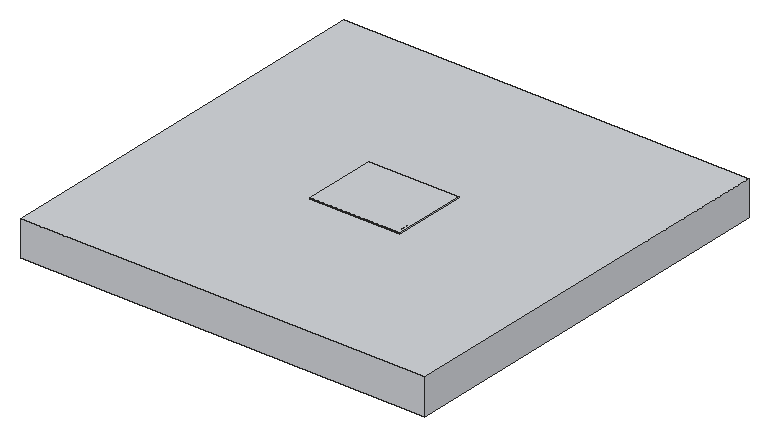
Revit family "Difusor de suprimento - Grelha retangular com Plenum - Vertical - Hospedado", category Terminais de ar, Revit 2019
Family settings
  Hospedeiro = Face
  Cota do conector redondo = Utilizar diâmetro
  Tipo de parte = Normal
  ID de item do Seek = Exhaust Grille - Rectangular Face Square Neck - Hosted-0000-CAN-ENU
  Corte com vazios quando carregada = Não
  Compartilhado = Não
  Ponto de cálculo do ambiente = Não
Parameters (values of type "Padrão")
  Área seccional = 0.00 m²
  Queda de pressão [instance] = 1.5 Pa
  Largura do plenum = 500 mm
  Altura do plenum = 400 mm
  Meia altura do Plenum [instance] = 273.012 mm
  Profundidade do Plenum = 200 mm
  Número [instance] = Comprimento 2 / 20 mm  # 24
  Comprimento 2 [instance] = Largura da grelha - 2 * (27 mm)  # 486 mm
  Comprimento 1 [instance] = Altura da grelha - 2 * 27 mm  # 386 mm
  Meia largura da grelha [instance] = Largura da grelha / 2  # 270 mm
  Altura da grelha = Altura do plenum + 40 mm  # 440 mm
  Material da grelha = none
  Largura da grelha = Largura do plenum + 40 mm  # 540 mm
  Profundidade da grelha = 51 mm
  Altura do duto [instance] = 300 mm
  Largura do duto [instance] = 500 mm
  Meia largura do Plenum [instance] = Largura do plenum / 2  # 250 mm
  Elevação-padrão = 1200 mm
  Fluxo de ar [instance] = 127.0 L/s
Reference planes
  plane 1 "Centro (frente/trás)": y = 0
  plane 2: z = 0
  plane 3 "Centro (direita/esquerda)": x = 0
  plane 4: x = -270
  plane 5: x = 270
  plane 6: y = 220
  plane 7: y = -220
  plane 8 "1": z = 6.35
  plane 9: y = 200
  plane 10: y = -200
  plane 11: x = -250
  plane 12: x = 250
  plane 13: z = -44.45
  plane 14: x = -243.012
  plane 15: x = 243.013
  plane 16: y = 193.012
  plane 17: y = -193.013
  plane 18 "Plenum": z = -200
  plane 19: x = -223.012
Forms (mm)
  Extrusion 1, solid
    sketch origin (0, 0, 0) x (1, 0, 0) y (0, 1, 0)
      loop
        line (-1216.8, 1219.2) -> (-1216.8, -1219.2) -> (1216.8, -1219.2) -> (1216.8, 1219.2) -> (-1216.8, 1219.2)
    from 0 to -214.45
  Extrusion 2, solid, material <- "Material da grelha"
    sketch origin (0, 0, 0) x (1, 0, 0) y (0, 1, 0)
      loop
        line (-270, 220) -> (-270, -220) -> (270, -220) -> (270, 220) -> (-270, 220)
    from 0 to 6.35
  Extrusion 3, solid, material <- "Material da grelha"
    sketch origin (0, 0, 0) x (1, 0, 0) y (0, 1, 0)
      loop
        line (-250, 200) -> (-250, -200) -> (250, -200) -> (250, 200) -> (-250, 200)
    from 0 to -200
Cuts and joins
  joined: Extrusion 2, Extrusion 3
Lines and regions (mm)
  model lines
    curve 1: line (243.013, 193.012, 6.35) -> (243.013, -193.013, 6.35)
    curve 2: line (-243.012, -193.013, 6.35) -> (243.013, -193.013, 6.35)
    curve 3: line (-243.012, 193.012, 6.35) -> (243.013, 193.012, 6.35)
Dimensions and locks
  equal spacing: plane 6, plane 1 "Centro (frente/trás)", plane 7
  "Altura da grelha": plane 6 to plane 7
  locked: plane 8 "1" to plane 2 at 6.35
  equal spacing: plane 9, plane 1 "Centro (frente/trás)", plane 10
  locked: plane 2 to plane 13 at 44.45
  locked: plane 4 to plane 14 at 26.987
  locked: plane 15 to plane 5 at 26.988
  locked: plane 6 to plane 16 at 26.988
  locked: plane 17 to plane 7 at 26.988
  "Meia largura do Plenum": plane 11 to plane 3 "Centro (direita/esquerda)"
  "Meia largura do Plenum": plane 3 "Centro (direita/esquerda)" to plane 12
  "Meia largura da grelha": plane 4 to plane 3 "Centro (direita/esquerda)"
  "Meia largura da grelha": plane 3 "Centro (direita/esquerda)" to plane 5
  "Profundidade do Plenum": plane 2 to plane 18 "Plenum"
  "Altura do plenum": plane 9 to plane 10
  locked: plane 14 to plane 19 at 20
  equal spacing: group 1, group 2, group 3, group 4, group 5, group 6, group 7, group 8, group 9, group 10, group 11, group 12, group 13, group 14, group 15, group 16, group 17, group 18, group 19, group 20, group 21, group 22, group 23, group 24  (x3)
  aligned and locked: plane 2 to Extrusion 1
  aligned and locked: level to Extrusion 1
  aligned and locked: plane 4 to Extrusion 2 sketch curve
  aligned and locked: Extrusion 2 sketch curve to plane 6
  aligned and locked: plane 7 to Extrusion 2 sketch curve
  aligned and locked: Extrusion 2 sketch curve to plane 5
  aligned and locked: plane 8 "1" to Extrusion 2
  aligned and locked: Extrusion 2 to plane 2
  aligned and locked: plane 11 to Extrusion 3 sketch curve
  aligned and locked: Extrusion 3 sketch curve to plane 9
  aligned and locked: plane 10 to Extrusion 3 sketch curve
  aligned and locked: Extrusion 3 sketch curve to plane 12
  aligned and locked: plane 2 to Extrusion 3
  aligned and locked: plane 17 to curve 1
  aligned and locked: curve 1 to plane 15
  aligned and locked: plane 16 to curve 1
  aligned and locked: curve 1 to curve 2
  aligned and locked: Extrusion 3 to plane 18 "Plenum"
  aligned and locked: curve 3 to plane 16
  aligned and locked: plane 17 to curve 2
  aligned and locked: plane 8 "1" to nested 1
  aligned and locked: plane 16 to nested 1
  aligned and locked: nested 1 to plane 17
  aligned and locked: nested 1 to plane 14
  aligned and locked: nested 2 to plane 17
  aligned and locked: nested 2 to plane 16
  aligned and locked: nested 2 to plane 19
  aligned and locked: plane 8 "1" to nested 2
Automatic sketch dimensions
  Extrusion 1 sketch curve to Extrusion 1 sketch curve = 2433.6 mm
  Extrusion 1 sketch curve to Extrusion 1 sketch curve = 2438.4 mm
  curve 3 to plane 14 = 0 mm
  curve 2 to plane 14 = 0 mm
Nested families
  nested 1: "M_Grelha do exaustor do pescoço quadrado com face retangular - Grelha-hospedada" at (-243.012, 193.013, 6.35) x (0, -1, 0) z (0, 0, 1), type "Grelha do exaustor do pescoço quadrado com face retangular - Grelha-hospedada"
  nested 2: "M_Grelha do exaustor do pescoço quadrado com face retangular - Grelha-hospedada" at (-223.012, 193.012, 6.35) x (0, -1, 0) z (0, 0, 1), type "Grelha do exaustor do pescoço quadrado com face retangular - Grelha-hospedada"
  nested 3: "M_Grelha do exaustor do pescoço quadrado com face retangular - Grelha-hospedada" at (-203.012, 193.012, 6.35) x (0, -1, 0) z (0, 0, 1), type "Grelha do exaustor do pescoço quadrado com face retangular - Grelha-hospedada"
  nested 4: "M_Grelha do exaustor do pescoço quadrado com face retangular - Grelha-hospedada" at (-183.012, 193.012, 6.35) x (0, -1, 0) z (0, 0, 1), type "Grelha do exaustor do pescoço quadrado com face retangular - Grelha-hospedada"
  nested 5: "M_Grelha do exaustor do pescoço quadrado com face retangular - Grelha-hospedada" at (-163.012, 193.012, 6.35) x (0, -1, 0) z (0, 0, 1), type "Grelha do exaustor do pescoço quadrado com face retangular - Grelha-hospedada"
  nested 6: "M_Grelha do exaustor do pescoço quadrado com face retangular - Grelha-hospedada" at (-143.012, 193.012, 6.35) x (0, -1, 0) z (0, 0, 1), type "Grelha do exaustor do pescoço quadrado com face retangular - Grelha-hospedada"
  nested 7: "M_Grelha do exaustor do pescoço quadrado com face retangular - Grelha-hospedada" at (-123.012, 193.012, 6.35) x (0, -1, 0) z (0, 0, 1), type "Grelha do exaustor do pescoço quadrado com face retangular - Grelha-hospedada"
  nested 8: "M_Grelha do exaustor do pescoço quadrado com face retangular - Grelha-hospedada" at (-103.012, 193.012, 6.35) x (0, -1, 0) z (0, 0, 1), type "Grelha do exaustor do pescoço quadrado com face retangular - Grelha-hospedada"
  nested 9: "M_Grelha do exaustor do pescoço quadrado com face retangular - Grelha-hospedada" at (-83.012, 193.012, 6.35) x (0, -1, 0) z (0, 0, 1), type "Grelha do exaustor do pescoço quadrado com face retangular - Grelha-hospedada"
  nested 10: "M_Grelha do exaustor do pescoço quadrado com face retangular - Grelha-hospedada" at (-63.012, 193.012, 6.35) x (0, -1, 0) z (0, 0, 1), type "Grelha do exaustor do pescoço quadrado com face retangular - Grelha-hospedada"
  nested 11: "M_Grelha do exaustor do pescoço quadrado com face retangular - Grelha-hospedada" at (-43.012, 193.012, 6.35) x (0, -1, 0) z (0, 0, 1), type "Grelha do exaustor do pescoço quadrado com face retangular - Grelha-hospedada"
  nested 12: "M_Grelha do exaustor do pescoço quadrado com face retangular - Grelha-hospedada" at (-23.012, 193.012, 6.35) x (0, -1, 0) z (0, 0, 1), type "Grelha do exaustor do pescoço quadrado com face retangular - Grelha-hospedada"
  nested 13: "M_Grelha do exaustor do pescoço quadrado com face retangular - Grelha-hospedada" at (-3.012, 193.012, 6.35) x (0, -1, 0) z (0, 0, 1), type "Grelha do exaustor do pescoço quadrado com face retangular - Grelha-hospedada"
  nested 14: "M_Grelha do exaustor do pescoço quadrado com face retangular - Grelha-hospedada" at (16.988, 193.012, 6.35) x (0, -1, 0) z (0, 0, 1), type "Grelha do exaustor do pescoço quadrado com face retangular - Grelha-hospedada"
  nested 15: "M_Grelha do exaustor do pescoço quadrado com face retangular - Grelha-hospedada" at (36.988, 193.012, 6.35) x (0, -1, 0) z (0, 0, 1), type "Grelha do exaustor do pescoço quadrado com face retangular - Grelha-hospedada"
  nested 16: "M_Grelha do exaustor do pescoço quadrado com face retangular - Grelha-hospedada" at (56.988, 193.012, 6.35) x (0, -1, 0) z (0, 0, 1), type "Grelha do exaustor do pescoço quadrado com face retangular - Grelha-hospedada"
  nested 17: "M_Grelha do exaustor do pescoço quadrado com face retangular - Grelha-hospedada" at (76.988, 193.012, 6.35) x (0, -1, 0) z (0, 0, 1), type "Grelha do exaustor do pescoço quadrado com face retangular - Grelha-hospedada"
  nested 18: "M_Grelha do exaustor do pescoço quadrado com face retangular - Grelha-hospedada" at (96.988, 193.012, 6.35) x (0, -1, 0) z (0, 0, 1), type "Grelha do exaustor do pescoço quadrado com face retangular - Grelha-hospedada"
  nested 19: "M_Grelha do exaustor do pescoço quadrado com face retangular - Grelha-hospedada" at (116.987, 193.012, 6.35) x (0, -1, 0) z (0, 0, 1), type "Grelha do exaustor do pescoço quadrado com face retangular - Grelha-hospedada"
  nested 20: "M_Grelha do exaustor do pescoço quadrado com face retangular - Grelha-hospedada" at (136.987, 193.012, 6.35) x (0, -1, 0) z (0, 0, 1), type "Grelha do exaustor do pescoço quadrado com face retangular - Grelha-hospedada"
  nested 21: "M_Grelha do exaustor do pescoço quadrado com face retangular - Grelha-hospedada" at (156.987, 193.012, 6.35) x (0, -1, 0) z (0, 0, 1), type "Grelha do exaustor do pescoço quadrado com face retangular - Grelha-hospedada"
  nested 22: "M_Grelha do exaustor do pescoço quadrado com face retangular - Grelha-hospedada" at (176.987, 193.012, 6.35) x (0, -1, 0) z (0, 0, 1), type "Grelha do exaustor do pescoço quadrado com face retangular - Grelha-hospedada"
  nested 23: "M_Grelha do exaustor do pescoço quadrado com face retangular - Grelha-hospedada" at (196.987, 193.012, 6.35) x (0, -1, 0) z (0, 0, 1), type "Grelha do exaustor do pescoço quadrado com face retangular - Grelha-hospedada"
  nested 24: "M_Grelha do exaustor do pescoço quadrado com face retangular - Grelha-hospedada" at (216.987, 193.012, 6.35) x (0, -1, 0) z (0, 0, 1), type "Grelha do exaustor do pescoço quadrado com face retangular - Grelha-hospedada"
Connectors
  hvac at (0, 0, -200), driven by "Queda de pressão", driven by "Fluxo de ar", driven by "Altura do duto", driven by "Largura do duto"
    settings: on Extrusion 3, index 1, duct flow 127.0 L/s, flow factor 0, pres drop 1.5 Pa, loss coef 0, conn angle 0.00°, conn width 500 mm, conn height 300 mm, conn diameter 609.6 mm, duct sys type 1, conn prof type 1, flow config 1, flow direction 1, loss method 4, conn ref index -1, conn util no, is conn primary yes, conn desc "Entrada de ar"
Definition of nested family "M_Grelha do exaustor do pescoço quadrado com face retangular - Grelha-hospedada"
  Parameters
    Comprimento = 386 mm
    Assembly Code = ""
  Reference planes
    plane 1 "Centro (frente/trás)": y = 0
    plane 2: z = 0
    plane 3 "Centro (direita/esquerda)": x = 0
    plane 4: x = 386
  Lines and regions (mm)
    model lines
      curve 1: line (0, 0, 0) -> (386, 0, 0)
    reference lines, not visible
      curve 2: line (0, 240, 0) -> (0, -320, 0)
  Dimensions and locks
    "Comprimento": plane 4 to plane 3 "Centro (direita/esquerda)"
    aligned and locked: plane 3 "Centro (direita/esquerda)" to curve 1
    aligned and locked: plane 4 to curve 1
    aligned and locked: plane 1 "Centro (frente/trás)" to curve 1
  Automatic sketch dimensions
    curve 2 to plane 3 "Centro (direita/esquerda)" = 0 mm
    plane 1 "Centro (frente/trás)" to curve 2 = 320 mm
    curve 2 to plane 1 "Centro (frente/trás)" = 240 mm
Types in the file's own list only (43): name | Área seccional | Largura do plenum | Altura do plenum | Altura da grelha | Largura da grelha
  225 x 75mm | 0.01 m² | 225 mm | 75 mm | 115 mm | 265 mm
  325 x 75mm | 0.01 m² | 325 mm | 75 mm | 115 mm | 365 mm
  425 x 75mm | 0.02 m² | 425 mm | 75 mm | 115 mm | 465 mm
  525 x 75mm | 0.02 m² | 525 mm | 75 mm | 115 mm | 565 mm
  625 x 75mm | 0.02 m² | 625 mm | 75 mm | 115 mm | 665 mm
  825 x 75mm | 0.03 m² | 825 mm | 75 mm | 115 mm | 865 mm
  1025 x 75mm | 0.04 m² | 1025 mm | 75 mm | 115 mm | 1065 mm
  1225 x 75mm | 0.05 m² | 1225 mm | 75 mm | 115 mm | 1265 mm
  225 x 125mm | 0.01 m² | 225 mm | 125 mm | 165 mm | 265 mm
  325 x 125mm | 0.02 m² | 325 mm | 125 mm | 165 mm | 365 mm
  425 x 125mm | 0.03 m² | 425 mm | 125 mm | 165 mm | 465 mm
  525 x 125mm | 0.04 m² | 525 mm | 125 mm | 165 mm | 565 mm
  625 x 125mm | 0.04 m² | 625 mm | 125 mm | 165 mm | 665 mm
  825 x 125mm | 0.06 m² | 825 mm | 125 mm | 165 mm | 865 mm
  1025 x 125mm | 0.07 m² | 1025 mm | 125 mm | 165 mm | 1065 mm
  1225 x 125mm | 0.09 m² | 1225 mm | 125 mm | 165 mm | 1265 mm
  225 x 165mm | 0.02 m² | 225 mm | 165 mm | 205 mm | 265 mm
  325 x 165mm | 0.03 m² | 325 mm | 165 mm | 205 mm | 365 mm
  425 x 165mm | 0.04 m² | 425 mm | 165 mm | 205 mm | 465 mm
  525 x 165mm | 0.05 m² | 525 mm | 165 mm | 205 mm | 565 mm
  625 x 165mm | 0.06 m² | 625 mm | 165 mm | 205 mm | 665 mm
  825 x 165mm | 0.08 m² | 825 mm | 165 mm | 205 mm | 865 mm
  1025 x 165mm | 0.10 m² | 1025 mm | 165 mm | 205 mm | 1065 mm
  1225 x 165mm | 0.12 m² | 1225 mm | 165 mm | 205 mm | 1265 mm
  325 x 225mm | 0.04 m² | 325 mm | 225 mm | 265 mm | 365 mm
  425 x 225mm | 0.06 m² | 425 mm | 225 mm | 265 mm | 465 mm
  525 x 225mm | 0.07 m² | 525 mm | 225 mm | 265 mm | 565 mm
  625 x 225mm | 0.09 m² | 625 mm | 225 mm | 265 mm | 665 mm
  825 x 225mm | 0.12 m² | 825 mm | 225 mm | 265 mm | 865 mm
  1025 x 225mm | 0.15 m² | 1025 mm | 225 mm | 265 mm | 1065 mm
  1225 x 225mm | 0.18 m² | 1225 mm | 225 mm | 265 mm | 1265 mm
  425 x 325mm | 0.09 m² | 425 mm | 325 mm | 365 mm | 465 mm
  525 x 325mm | 0.11 m² | 525 mm | 325 mm | 365 mm | 565 mm
  625 x 325mm | 0.13 m² | 625 mm | 325 mm | 365 mm | 665 mm
  825 x 325mm | 0.18 m² | 825 mm | 325 mm | 365 mm | 865 mm
  1025 x 325mm | 0.22 m² | 1025 mm | 325 mm | 365 mm | 1065 mm
  1225 x 325mm | 0.27 m² | 1225 mm | 325 mm | 365 mm | 1265 mm
  625 x 425mm | 0.18 m² | 625 mm | 425 mm | 465 mm | 665 mm
  825 x 425mm | 0.24 m² | 825 mm | 425 mm | 465 mm | 865 mm
  1025 x 425mm | 0.30 m² | 1025 mm | 425 mm | 465 mm | 1065 mm
  1225 x 425mm | 0.36 m² | 1225 mm | 425 mm | 465 mm | 1265 mm
  1025 x 525mm | 0.37 m² | 1025 mm | 525 mm | 565 mm | 1065 mm
  1225 x 525mm | 0.45 m² | 1225 mm | 525 mm | 565 mm | 1265 mm
